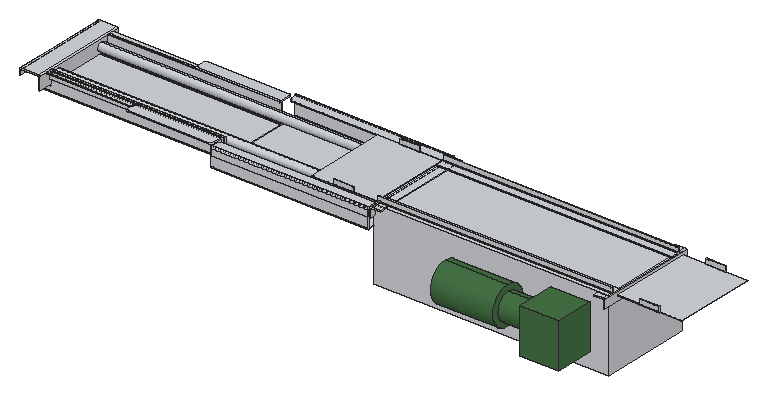
Revit family "C370", category Specialty Equipment, Revit 2025
Family settings
  Round Connector Dimension = Use Diameter
  Part Type = Normal
  Work Plane-Based = No
  Enable Cutting in Views = No
  Always vertical = Yes
  Cut with Voids When Loaded = No
  Maintain Annotation Orientation = No
  Shared = No
  Room Calculation Point = No
Parameters
  Weight [instance] = 0
  Version = ""
  Subsystem [instance] = ""
  Special_Part_Number [instance] = ""
  Special_Description [instance] = ""
  Special_Bed [instance] = no
  Segment [instance] = ""
  SPRING_COVER_WIDTH_6 [instance] = Drive_width + 0' 0 87/128"  # 1' - 7 87/128"
  SPRING_COVER_WIDTH_5 [instance] = Drive_width - 0' 5 159/256"  # 1' - 1 97/256"
  SPRING_COVER_WIDTH_4 [instance] = Drive_width - 0' 0 195/256"  # 1' - 6 61/256"
  SPRING_COVER_WIDTH_3 [instance] = Drive_width - 0' 3 59/128"  # 1' - 3 69/128"
  SPRING_COVER_WIDTH_2 [instance] = Drive_width - 0' 0 59/128"  # 1' - 6 69/128"
  SPRING_COVER_WIDTH [instance] = Drive_width + 0' 1 15/256"  # 1' - 8 15/256"
  SIO_Block_Number [instance] = ""
  Operational_Rate [instance] = ""
  Material_Number [instance] = ""
  MCP [instance] = ""
  Load_Envelope_Height [instance] = 2' - 0"
  Load_Envelope [instance] = yes
  Inner Width [instance] = CLR_NOMINAL_WIDTH - 0' 2 1/2"  # 1' - 3 1/2"
  IO_Block_Number [instance] = ""
  Estop_Zone [instance] = ""
  Error_State [instance] = yes
  Drive_width [instance] = CLR_NOMINAL_WIDTH + 0' 1"  # 1' - 7"
  Default Elevation = 0' - 0"
  Conveyor_Number [instance] = "100"
  Conveyor_Elevation_Out [instance] = Conveyor_Elevation_In  # 2' - 6"
  Conveyor_Elevation_In [instance] = 2' - 6"
  CLR_ZONE_CONTROL = ""
  CLR_ZONES = 0' - 0"
  CLR_VFD [instance] = yes
  CLR_TE_POSITION = "N"
  CLR_TAKE_UP_SPRING_QUANTITY [instance] = 2
  CLR_TAKE_UP [instance] = "Long Spring"
  CLR_SUBCLASS = ""
  CLR_SPRING_COVER = no
  CLR_SPEED_FPM [instance] = 120
  CLR_SLAVE_RATIO = "N"
  CLR_SENSOR_SKEW = 0' - 0"
  CLR_SENSOR_MOUNT = ""
  CLR_SENSOR_HAND = ""
  CLR_ROLLER_CENTER = 0' - 0"
  CLR_PULLEY_TYPE = "N"
  CLR_POPOUT_CARRYING_ROLLERS = no
  CLR_NOMINAL_WIDTH [instance] = if(Bed_Width = 1' 6", 1' 6", if(Bed_Width = 2' 0", 2' 0", if(Bed_Width = 2' 6", 2' 6", if(Bed_Width = 3' 0", 3' 0", if(Bed_Width = 3' 6", 3' 6", 1' 6")))))  # 1' - 6"
  CLR_MOTOR_VOLTAGE [instance] = "230/60"
  CLR_MOTOR_TYPE [instance] = "Standard"
  CLR_MOTOR_HP [instance] = 1
  CLR_MODULE = ""
  CLR_LIFTER_ROLLER_CENTER = 0' - 0"
  CLR_FINGER_GUARD = no
  CLR_DRIVE_TRAIN_TYPE [instance] = "Direct"
  CLR_DRIVE_SIZE [instance] = 6
  CLR_CONTROL_VOLTAGE = ""
  CLR_CONTROL_DEVICE = ""
  CLR_CONNECTION_KIT = "N"
  CLR_CARRYING_ROLLER = "N"
  CLR_BOTTOM_COVERS = yes
  CLR_BED_LENGTH = 0' - 0"
  CLR_ASSEMBLY_HAND [instance] = "Right"
  CLR_AIR_BRAKE = 0
  Bed_Width [instance] = 1' - 6"
  Asset ID [instance] = ""
  Air_Consumption [instance] = 0
  Acceptance_Rate [instance] = ""
Reference planes (in)
  plane 1 "Center (Front/Back)": y = 0
  plane 2: z = 0
  plane 3 "Center (Left/Right)": x = 0
  plane 4 "Bot_of_SideFrame": z = 23.71
  plane 5 "Top_of_SideFrame": z = 29.71
  plane 6 "Top_of_Roller": z = 30
  plane 7: z = 10.46
  plane 8: x = 65.55859
  plane 9: x = 109.3125
  plane 10 "1": x = 65.5
  plane 11: y = 10.0293
  plane 12: y = -10.0293
  plane 13 "3": x = 36.5
  plane 14: x = 35.88
  plane 15: x = 19.88
  plane 16: y = 9.26953
  plane 17: y = -9.26953
  plane 18: x = 3.88
  plane 19: y = 7.76953
  plane 20: y = -7.76953
  plane 21 "2": x = 2
  plane 22: x = 102.0825
Forms (in)
  Extrusion 1, solid
    sketch origin (0, 0, 0) x (1, 0, 0) y (0, 1, 0)
      loop
        line (65.55859, 8.5) -> (65.55859, -8.5) -> (109.3125, -8.5) -> (109.3125, 8.5) -> (65.55859, 8.5)
    from 10.46 to 23.71
  Extrusion 2, solid
    sketch origin (109.3125, 24.98665, 48) x (0, 1, 0) y (0, 0, 1)
      loop
        line (-32.73665, -23.23) -> (-32.73665, -24.04)
        arc (-32.73665, -24.04) -> (-32.66343, -24.21678) -> (-32.48665, -24.29) r 0.25
        line (-32.48665, -24.29) -> (-30.98665, -24.29) -> (-30.98665, -24.16109) -> (-32.48275, -24.16109)
        arc (-32.48275, -24.16109) -> (-32.57114, -24.12448) -> (-32.60775, -24.03609) r 0.125
        line (-32.60775, -24.03609) -> (-32.60775, -23.23) -> (-32.73665, -23.23)
    from 0 to -43.75391
  Extrusion 3, solid
    sketch origin (109.3125, -25.23665, 48) x (0, -1, 0) y (0, 0, -1)
      loop
        line (-32.98665, 23.23) -> (-32.85775, 23.23) -> (-32.85775, 24.03609)
        arc (-32.85775, 24.03609) -> (-32.82114, 24.12448) -> (-32.73275, 24.16109) r 0.125
        line (-32.73275, 24.16109) -> (-31.23665, 24.16109) -> (-31.23665, 24.29) -> (-32.73665, 24.29)
        arc (-32.73665, 24.29) -> (-32.91343, 24.21678) -> (-32.98665, 24.04) r 0.25
        line (-32.98665, 24.04) -> (-32.98665, 23.23)
    from 0 to -43.75391
  Extrusion 4, solid
    sketch origin (-1.03656, 0, 1.8976) x (1, 0, 0) y (0, 0, 1)
      loop
        arc (66.84515, 21.8124) -> (66.66837, 21.73918) -> (66.59515, 21.5624) r 0.25
        line (66.59515, 21.5624) -> (66.59515, 20.0624) -> (66.77484, 20.0624) -> (66.77484, 21.50772)
        arc (66.77484, 21.50772) -> (66.81145, 21.5961) -> (66.89984, 21.63272) r 0.125
        line (66.89984, 21.63272) -> (68.55515, 21.63272) -> (68.55515, 21.8124) -> (66.84515, 21.8124)
    from -9.5 to 9.5
  Extrusion 5, solid
    sketch origin (175.90765, -12, 1.8976) x (-1, 0, 0) y (0, 0, 1)
      loop
        arc (66.84515, 21.8124) -> (66.66837, 21.73918) -> (66.59515, 21.5624) r 0.25
        line (66.59515, 21.5624) -> (66.59515, 20.0624) -> (66.77484, 20.0624) -> (66.77484, 21.50772)
        arc (66.77484, 21.50772) -> (66.81145, 21.5961) -> (66.89984, 21.63272) r 0.125
        line (66.89984, 21.63272) -> (68.55515, 21.63272) -> (68.55515, 21.8124) -> (66.84515, 21.8124)
    from 2.5 to 21.5
  Extrusion 6, solid
    sketch origin (65.5, -1.79419, 0.44869) x (0, 1, 0) y (0, 0, 1)
      loop
        line (11.57349, 23.26131) -> (9.82349, 23.26131) -> (9.82349, 23.08162) -> (11.5188, 23.08162)
        arc (11.5188, 23.08162) -> (11.60719, 23.04501) -> (11.6438, 22.95662) r 0.125
        line (11.6438, 22.95662) -> (11.6438, 21.76131) -> (11.82349, 21.76131) -> (11.82349, 23.01131)
        arc (11.82349, 23.01131) -> (11.75026, 23.18809) -> (11.57349, 23.26131) r 0.25
    from 0 to -29
  Extrusion 7, solid
    sketch origin (20, 1.79419, 0.44869) x (0, -1, 0) y (0, 0, 1)
      loop
        line (11.57349, 23.26131) -> (9.82349, 23.26131) -> (9.82349, 23.08162) -> (11.5188, 23.08162)
        arc (11.5188, 23.08162) -> (11.60719, 23.04501) -> (11.6438, 22.95662) r 0.125
        line (11.6438, 22.95662) -> (11.6438, 21.76131) -> (11.82349, 21.76131) -> (11.82349, 23.01131)
        arc (11.82349, 23.01131) -> (11.75026, 23.18809) -> (11.57349, 23.26131) r 0.25
    from -16.5 to -45.5
  Extrusion 8, void
    sketch origin (65.5, 9.7793, 23.71) x (1, 0, 0) y (0, -1, 0)
      loop
        line (-28.5, 1.75) -> (-28.5, 2.25) -> (-29.5, 2.25) -> (-29.5, 1.25) -> (-29, 1.25)
        arc (-29, 1.25) -> (-28.85355, 1.60355) -> (-28.5, 1.75) r 0.5
      loop
        line (0, 1.25) -> (0.03635, 1.25) -> (0.03635, 1.842) -> (-0.5, 1.842) -> (-0.5, 1.75)
        arc (-0.5, 1.75) -> (-0.14645, 1.60355) -> (0, 1.25) r 0.5
    from 0 to 12
  Extrusion 9, void
    sketch origin (20, -9.7793, 23.71) x (-1, 0, 0) y (0, 1, 0)
      loop
        line (-45, 1.75) -> (-45, 1.82053) -> (-45.53797, 1.82053) -> (-45.53797, 1.25) -> (-45.5, 1.25)
        arc (-45.5, 1.25) -> (-45.35355, 1.60355) -> (-45, 1.75) r 0.5
      loop
        arc (-17, 1.75) -> (-16.64645, 1.60355) -> (-16.5, 1.25) r 0.5
        line (-16.5, 1.25) -> (-16.33335, 1.25) -> (-16.33335, 1.88015) -> (-17, 1.88015) -> (-17, 1.75)
    from 0 to 12
  Extrusion 10, solid
    sketch origin (65.5, 20.91594, 4.26413) x (0, -1, 0) y (0, 0, -1)
      loop
        arc (13.89641, -19.44587) -> (14.07318, -19.37265) -> (14.14641, -19.19587) r 0.25
        line (14.14641, -19.19587) -> (14.14641, -17.94587) -> (13.96672, -17.94587) -> (13.96672, -19.14118)
        arc (13.96672, -19.14118) -> (13.93011, -19.22957) -> (13.84172, -19.26618) r 0.125
        line (13.84172, -19.26618) -> (11.64641, -19.26618) -> (11.64641, -19.44587) -> (13.89641, -19.44587)
    from -45.62 to -29.62
  Extrusion 11, solid
    sketch origin (-4.36, -20.91594, 4.26413) x (0, 1, 0) y (0, 0, -1)
      loop
        arc (13.89641, -19.44587) -> (14.07318, -19.37265) -> (14.14641, -19.19587) r 0.25
        line (14.14641, -19.19587) -> (14.14641, -17.94587) -> (13.96672, -17.94587) -> (13.96672, -19.14118)
        arc (13.96672, -19.14118) -> (13.93011, -19.22957) -> (13.84172, -19.26618) r 0.125
        line (13.84172, -19.26618) -> (11.64641, -19.26618) -> (11.64641, -19.44587) -> (13.89641, -19.44587)
    from -40.24 to -24.24
  Extrusion 12, void
    sketch origin (-4.36, -7.01953, 23.71) x (1, 0, 0) y (0, -1, 0)
      loop
        line (24.24, -15.78906) -> (23.99, -15.78906) -> (23.99, -16.53906) -> (24.74, -16.53906) -> (24.74, -16.28906)
        arc (24.74, -16.28906) -> (24.38645, -16.14262) -> (24.24, -15.78906) r 0.5
      loop
        line (39.74, -16.28906) -> (39.74, -16.53906) -> (40.49, -16.53906) -> (40.49, -15.78906) -> (40.24, -15.78906)
        arc (40.24, -15.78906) -> (40.09355, -16.14262) -> (39.74, -16.28906) r 0.5
      loop
        line (24.74, 2.25) -> (24.74, 2.5725) -> (23.99, 2.5725) -> (23.99, 1.75) -> (24.24, 1.75)
        arc (24.24, 1.75) -> (24.38645, 2.10355) -> (24.74, 2.25) r 0.5
      loop
        arc (39.74, 2.25) -> (40.09355, 2.10355) -> (40.24, 1.75) r 0.5
        line (40.24, 1.75) -> (40.61073, 1.75) -> (40.61073, 2.75) -> (39.74, 2.75) -> (39.74, 2.25)
    from 0 to 12
  Extrusion 13, solid
    sketch origin (65.5, 2.75197, 2.89145) x (0, 1, 0) y (0, 0, 1)
      loop
        line (5.01756, 20.81855) -> (4.26756, 20.81855)
        arc (4.26756, 20.81855) -> (4.09078, 20.74532) -> (4.01756, 20.56855) r 0.25
        line (4.01756, 20.56855) -> (4.01756, 19.31855) -> (4.19725, 19.31855) -> (4.19725, 20.51386)
        arc (4.19725, 20.51386) -> (4.23386, 20.60225) -> (4.32225, 20.63886) r 0.125
        line (4.32225, 20.63886) -> (5.01756, 20.63886) -> (5.01756, 20.81855)
    from -61.62 to -45.62
  Extrusion 14, solid
    sketch origin (-39.39712, -2.75197, 2.89145) x (0, -1, 0) y (0, 0, 1)
      loop
        line (5.01756, 20.81855) -> (4.26756, 20.81855)
        arc (4.26756, 20.81855) -> (4.09078, 20.74532) -> (4.01756, 20.56855) r 0.25
        line (4.01756, 20.56855) -> (4.01756, 19.31855) -> (4.19725, 19.31855) -> (4.19725, 20.51386)
        arc (4.19725, 20.51386) -> (4.23386, 20.60225) -> (4.32225, 20.63886) r 0.125
        line (4.32225, 20.63886) -> (5.01756, 20.63886) -> (5.01756, 20.81855)
    from -59.27712 to -43.27712
  Extrusion 15, void
    sketch origin (65.5, 7.76953, 23.71) x (1, 0, 0) y (0, -1, 0)
      loop
        line (-61.37, 15.53906) -> (-61.37, 15.64704) -> (-61.67283, 15.64704) -> (-61.67283, 15.28906) -> (-61.62, 15.28906)
        arc (-61.62, 15.28906) -> (-61.54678, 15.46584) -> (-61.37, 15.53906) r 0.25
      loop
        arc (-45.87, 15.53906) -> (-45.69322, 15.46584) -> (-45.62, 15.28906) r 0.25
        line (-45.62, 15.28906) -> (-45.62, 15.53906) -> (-45.87, 15.53906)
      loop
        line (-45.87, 0) -> (-45.62, 0) -> (-45.62, 0.25)
        arc (-45.62, 0.25) -> (-45.69322, 0.07322) -> (-45.87, 0) r 0.25
      loop
        line (-61.62, 0.25) -> (-61.87, 0.25) -> (-61.87, -0.15887) -> (-61.37, -0.15887) -> (-61.37, 0)
        arc (-61.37, 0) -> (-61.54678, 0.07322) -> (-61.62, 0.25) r 0.25
    from 0 to 12
  Extrusion 16, solid
    sketch origin (-1.63754, 0, 1.05497) x (1, 0, 0) y (0, 0, 1)
      loop
        arc (1.88754, 22.65503) -> (1.71076, 22.58181) -> (1.63754, 22.40503) r 0.25
        line (1.63754, 22.40503) -> (1.63754, 21.53503) -> (1.81722, 21.53503) -> (1.81722, 22.35034)
        arc (1.81722, 22.35034) -> (1.85383, 22.43873) -> (1.94222, 22.47534) r 0.125
        line (1.94222, 22.47534) -> (5.08285, 22.47534)
        arc (5.08285, 22.47534) -> (5.17124, 22.43873) -> (5.20785, 22.35034) r 0.125
        line (5.20785, 22.35034) -> (5.20785, 20.15503) -> (5.38754, 20.15503) -> (5.38754, 22.40503)
        arc (5.38754, 22.40503) -> (5.31431, 22.58181) -> (5.13754, 22.65503) r 0.25
        line (5.13754, 22.65503) -> (1.88754, 22.65503)
    from -9.11914 to 9.11914
  Extrusion 17, solid
    sketch origin (2, 0, 2.61463) x (0, 0, 1) y (0, -1, 0)
      loop
        line (21.09537, 6.50977) -> (21.09537, 6.68945) -> (17.59537, 6.68945)
        arc (17.59537, 6.68945) -> (17.4186, 6.61623) -> (17.34537, 6.43945) r 0.25
        line (17.34537, 6.43945) -> (17.34537, -6.43945)
        arc (17.34537, -6.43945) -> (17.4186, -6.61623) -> (17.59537, -6.68945) r 0.25
        line (17.59537, -6.68945) -> (21.09537, -6.68945) -> (21.09537, -6.50977) -> (17.65006, -6.50977)
        arc (17.65006, -6.50977) -> (17.56167, -6.47315) -> (17.52506, -6.38477) r 0.125
        line (17.52506, -6.38477) -> (17.52506, 6.38477)
        arc (17.52506, 6.38477) -> (17.56167, 6.47315) -> (17.65006, 6.50977) r 0.125
        line (17.65006, 6.50977) -> (21.09537, 6.50977)
    from 0 to 34.25
  Extrusion 18, solid
    sketch origin (36.5, 0, 5.66741) x (0, 1, 0) y (0, 0, 1)
      loop
        line (-9.66016, 18.04259) -> (-9.83984, 18.04259) -> (-9.83984, 14.54259)
        arc (-9.83984, 14.54259) -> (-9.76662, 14.36581) -> (-9.58984, 14.29259) r 0.25
        line (-9.58984, 14.29259) -> (9.58984, 14.29259)
        arc (9.58984, 14.29259) -> (9.76662, 14.36581) -> (9.83984, 14.54259) r 0.25
        line (9.83984, 14.54259) -> (9.83984, 18.04259) -> (9.66016, 18.04259) -> (9.66016, 14.59728)
        arc (9.66016, 14.59728) -> (9.62354, 14.50889) -> (9.53516, 14.47228) r 0.125
        line (9.53516, 14.47228) -> (-9.53516, 14.47228)
        arc (-9.53516, 14.47228) -> (-9.62354, 14.50889) -> (-9.66016, 14.59728) r 0.125
        line (-9.66016, 14.59728) -> (-9.66016, 18.04259)
    from -0.25 to 29
  Extrusion 19, void
    sketch origin (0, 0, 0) x (1, 0, 0) y (0, 0, 1)
      loop
        line (2, 23.53031) -> (3.44531, 23.53031) -> (3.44531, 21.03031) -> (3.88, 21.03031) -> (3.88, 24.03031) -> (2, 24.03031) -> (2, 23.53031)
    from -29.84383 to 25.79586
  Extrusion 20, solid
    sketch origin (3.75, 0, 23.71) x (0, 0, -1) y (0, 1, 0)
      loop
        circle (1.25, -5) r 0.75
      loop
        circle (1.25, 5) r 0.75
    from 0 to 61.80859
  Extrusion 21, solid, material "MOTOR"
    sketch origin (-1.32384, 0, 1.11785) x (1, 0, 0) y (0, 0, 1)
      loop
        line (99.77634, 20.40215) -> (99.77634, 12.04215) -> (107.03634, 12.04215) -> (107.03634, 20.40215) -> (99.77634, 20.40215)
    from 8.5 to 15.75185
  Extrusion 22, solid, material "MOTOR"
    sketch origin (98.4525, 0, 21.16) x (0, 0, 1) y (0, 1, 0)
      loop
        circle (-2.5, -12.83193) r 2.485
    from 0 to 4.53125
  Extrusion 23, solid, material "MOTOR"
    sketch origin (93.92125, 0, 21.16) x (0, 0, 1) y (0, 1, 0)
      loop
        circle (-2.5, -12.83193) r 3.5
    from 0 to 11.62891
Cuts and joins
  Extrusion 8 cuts Extrusion 4
  Extrusion 8 cuts Extrusion 6
  Extrusion 9 cuts Extrusion 7
  Extrusion 12, Extrusion 15 cuts Extrusion 10
  Extrusion 12, Extrusion 15 cuts Extrusion 11
  Extrusion 15 cuts Extrusion 13
  Extrusion 15 cuts Extrusion 14
  Extrusion 19 cuts Extrusion 17
Dimensions and locks (in)
  locked: plane 3 "Center (Left/Right)" to nested 1 at 110.25
  locked: plane 3 "Center (Left/Right)" to nested 2 at 53.25
  "Conveyor_Elevation_In": plane 6 "Top_of_Roller" to level
  locked: plane 6 "Top_of_Roller" to plane 5 "Top_of_SideFrame" at 0.29
  locked: plane 5 "Top_of_SideFrame" to plane 4 "Bot_of_SideFrame" at 6
  locked: nested 2 to plane 4 "Bot_of_SideFrame"
  locked: nested 1 to plane 4 "Bot_of_SideFrame"
  equal spacing: Extrusion 1 sketch curve, plane 1 "Center (Front/Back)", Extrusion 1 sketch curve
  locked: plane 4 "Bot_of_SideFrame" to plane 7 at 13.25
  locked: plane 3 "Center (Left/Right)" to plane 8 at 65.55859
  plane 3 "Center (Left/Right)" to plane 9 = 9' - 1 5/16"
  locked: Extrusion 2 sketch curve to Extrusion 2 sketch curve at 1.75
  locked: Extrusion 2 sketch curve to Extrusion 2 sketch curve at 1.06
  locked: Extrusion 2 sketch curve to Extrusion 2 sketch curve at 0.12891
  locked: Extrusion 2 sketch curve to Extrusion 1 at 0.12891
  locked: Extrusion 3 sketch curve to Extrusion 3 sketch curve at 1.75
  locked: Extrusion 3 sketch curve to Extrusion 3 sketch curve at 1.06
  locked: Extrusion 3 sketch curve to Extrusion 3 sketch curve at 0.12891
  locked: Extrusion 3 to plane 4 "Bot_of_SideFrame"
  equal spacing: Extrusion 2, nested 1, Extrusion 3
  "Inner Width": Extrusion 2 to Extrusion 3
  locked: Extrusion 4 sketch curve to Extrusion 4 sketch curve at 1.96
  locked: Extrusion 4 sketch curve to Extrusion 4 sketch curve at 1.75
  locked: Extrusion 4 sketch curve to Extrusion 4 sketch curve at 0.17969  (x2)
  locked: Extrusion 4 to plane 8
  locked: plane 4 "Bot_of_SideFrame" to Extrusion 4
  locked: Extrusion 5 sketch curve to Extrusion 5 sketch curve at 1.96
  locked: Extrusion 5 sketch curve to Extrusion 5 sketch curve at 1.75
  locked: Extrusion 5 sketch curve to Extrusion 5 sketch curve at 0.17969  (x2)
  locked: plane 9 to Extrusion 5
  locked: plane 4 "Bot_of_SideFrame" to Extrusion 5
  equal spacing: Extrusion 4, plane 1 "Center (Front/Back)", Extrusion 4
  "Drive_width": Extrusion 4 to Extrusion 4
  equal spacing: Extrusion 5, plane 1 "Center (Front/Back)", Extrusion 5
  "Drive_width": Extrusion 5 to Extrusion 5
  locked: Extrusion 1 sketch curve to Extrusion 1 sketch curve at 17
  locked: plane 3 "Center (Left/Right)" to plane 10 "1" at 65.5
  locked: Extrusion 6 sketch curve to Extrusion 6 sketch curve at 2
  locked: Extrusion 6 sketch curve to Extrusion 6 sketch curve at 1.5
  locked: Extrusion 6 sketch curve to Extrusion 6 sketch curve at 0.17969  (x2)
  locked: Extrusion 6 to plane 4 "Bot_of_SideFrame"
  equal spacing: plane 11, plane 1 "Center (Front/Back)", plane 12
  "SPRING_COVER_WIDTH": plane 11 to plane 12
  locked: plane 11 to Extrusion 6
  locked: plane 13 "3" to plane 10 "1" at 29
  locked: Extrusion 7 sketch curve to Extrusion 7 sketch curve at 2
  locked: Extrusion 7 sketch curve to Extrusion 7 sketch curve at 1.5
  locked: Extrusion 7 sketch curve to Extrusion 7 sketch curve at 0.17969  (x2)
  locked: plane 12 to Extrusion 7
  plane 14 to plane 13 "3" = 0' - 0.62"
  locked: plane 15 to plane 14 at 16
  equal spacing: plane 16, plane 1 "Center (Front/Back)", plane 17
  "SPRING_COVER_WIDTH_2": plane 16 to plane 17
  locked: Extrusion 10 sketch curve to Extrusion 10 sketch curve at 2.5
  locked: Extrusion 10 sketch curve to Extrusion 10 sketch curve at 1.5
  locked: Extrusion 10 sketch curve to Extrusion 10 sketch curve at 0.17969  (x2)
  locked: plane 16 to Extrusion 10
  locked: plane 4 "Bot_of_SideFrame" to Extrusion 10
  locked: Extrusion 11 sketch curve to Extrusion 11 sketch curve at 2.5
  locked: Extrusion 11 sketch curve to Extrusion 11 sketch curve at 1.5
  locked: Extrusion 11 sketch curve to Extrusion 11 sketch curve at 0.17969  (x2)
  locked: Extrusion 11 to plane 14
  locked: Extrusion 11 to plane 15
  locked: plane 17 to Extrusion 11
  locked: plane 18 to plane 15 at 16
  equal spacing: plane 19, plane 1 "Center (Front/Back)", plane 20
  "SPRING_COVER_WIDTH_3": plane 19 to plane 20
  locked: Extrusion 13 sketch curve to Extrusion 13 sketch curve at 1
  locked: Extrusion 13 sketch curve to Extrusion 13 sketch curve at 1.5
  locked: Extrusion 13 sketch curve to Extrusion 13 sketch curve at 0.17969  (x2)
  locked: plane 4 "Bot_of_SideFrame" to Extrusion 13
  locked: plane 19 to Extrusion 13
  locked: Extrusion 14 sketch curve to Extrusion 14 sketch curve at 1
  locked: Extrusion 14 sketch curve to Extrusion 14 sketch curve at 1.5
  locked: Extrusion 14 sketch curve to Extrusion 14 sketch curve at 0.17969  (x2)
  locked: plane 20 to Extrusion 14
  locked: plane 18 to Extrusion 14
  locked: Extrusion 14 to plane 15
  locked: Extrusion 16 sketch curve to Extrusion 16 sketch curve at 1.12
  locked: Extrusion 16 sketch curve to Extrusion 16 sketch curve at 0.17969  (x3)
  locked: plane 4 "Bot_of_SideFrame" to Extrusion 16
  locked: Extrusion 16 to plane 3 "Center (Left/Right)"
  equal spacing: Extrusion 16, plane 1 "Center (Front/Back)", Extrusion 16
  "SPRING_COVER_WIDTH_4": Extrusion 16 to Extrusion 16
  locked: plane 21 "2" to plane 3 "Center (Left/Right)" at 2
  equal spacing: Extrusion 17 sketch curve, plane 1 "Center (Front/Back)", Extrusion 17 sketch curve
  "SPRING_COVER_WIDTH_5": Extrusion 17 sketch curve to Extrusion 17 sketch curve
  locked: Extrusion 17 sketch curve to Extrusion 17 sketch curve at 3.75
  locked: Extrusion 17 sketch curve to Extrusion 17 sketch curve at 0.17969  (x3)
  locked: plane 4 "Bot_of_SideFrame" to Extrusion 17
  equal spacing: Extrusion 18 sketch curve, plane 1 "Center (Front/Back)", Extrusion 18 sketch curve
  "SPRING_COVER_WIDTH_6": Extrusion 18 sketch curve to Extrusion 18 sketch curve
  locked: Extrusion 18 sketch curve to Extrusion 18 sketch curve at 3.75  (x2)
  locked: Extrusion 18 sketch curve to Extrusion 18 sketch curve at 0.17969  (x3)
  locked: plane 4 "Bot_of_SideFrame" to Extrusion 18
  locked: Extrusion 16 sketch curve to Extrusion 16 sketch curve at 2.5
  locked: Extrusion 16 sketch curve to Extrusion 16 sketch curve at 3.75
  locked: plane 4 "Bot_of_SideFrame" to Extrusion 20 sketch curve at 1.25  (x2)
  locked: Extrusion 20 sketch curve to plane 1 "Center (Front/Back)" at 5
  locked: plane 1 "Center (Front/Back)" to Extrusion 20 sketch curve at 5
  locked: Extrusion 21 sketch curve to Extrusion 21 sketch curve at 8.36
  locked: Extrusion 21 sketch curve to Extrusion 21 sketch curve at 7.26
  locked: Extrusion 21 to plane 7 at 2.7
  plane 9 to Extrusion 21 = 0' - 3.6"
  aligned and locked: level to plane 2
  aligned and locked: plane 1 "Center (Front/Back)" to nested 1
  aligned and locked: plane 1 "Center (Front/Back)" to nested 2
  aligned and locked: plane 4 "Bot_of_SideFrame" to Extrusion 1
  aligned and locked: Extrusion 1 to plane 7
  aligned and locked: Extrusion 1 to plane 8
  aligned and locked: plane 9 to Extrusion 1
  aligned and locked: Extrusion 2 to plane 8
  aligned and locked: Extrusion 6 to plane 13 "3"
  aligned and locked: plane 10 "1" to Extrusion 7
  aligned and locked: Extrusion 7 to plane 13 "3"
  aligned and locked: Extrusion 10 to plane 15
  aligned and locked: plane 14 to Extrusion 10
  aligned and locked: Extrusion 13 to plane 18
  aligned and locked: plane 15 to Extrusion 13
  aligned and locked: plane 10 "1" to Extrusion 18
  aligned and locked: Extrusion 18 to Extrusion 17
  aligned and locked: Extrusion 20 to Extrusion 1
  aligned and locked: Extrusion 21 to Extrusion 1
Automatic sketch dimensions
  Extrusion 1 sketch curve to plane 8 = 0' - 0"
  Extrusion 1 sketch curve to plane 9 = 0' - 0"
  Extrusion 2 sketch curve to plane 4 "Bot_of_SideFrame" = 0' - 0"
  Extrusion 2 sketch curve to plane 20 = 0' - 0 5/256"
  Extrusion 2 sketch curve to Extrusion 2 sketch curve = 0' - 0 31/256"
  Extrusion 2 sketch curve to Extrusion 2 sketch curve = 0' - 0 1/256"
  Extrusion 3 sketch curve to plane 4 "Bot_of_SideFrame" = 0' - 0"
  plane 19 to Extrusion 3 sketch curve = 0' - 0 5/256"
  Extrusion 3 sketch curve to Extrusion 3 sketch curve = 0' - 0 31/256"
  Extrusion 3 sketch curve to Extrusion 3 sketch curve = 0' - 0 1/256"  (x2)
  Extrusion 4 sketch curve to plane 8 = 0' - 0"
  Extrusion 4 sketch curve to plane 4 "Bot_of_SideFrame" = 0' - 0"
  plane 8 to Extrusion 4 sketch curve = 0' - 0 1/4"
  Extrusion 4 sketch curve to Extrusion 4 sketch curve = 0' - 0 7/128"
  Extrusion 5 sketch curve to plane 9 = 0' - 0"
  Extrusion 5 sketch curve to plane 4 "Bot_of_SideFrame" = 0' - 0"
  Extrusion 5 sketch curve to plane 9 = 0' - 0 1/4"
  Extrusion 5 sketch curve to Extrusion 5 sketch curve = 0' - 0 7/128"
  Extrusion 6 sketch curve to plane 4 "Bot_of_SideFrame" = 0' - 0"
  Extrusion 6 sketch curve to plane 11 = 0' - 0"
  Extrusion 6 sketch curve to Extrusion 6 sketch curve = 0' - 0 1/8"
  Extrusion 6 sketch curve to Extrusion 6 sketch curve = 0' - 0 7/128"
  Extrusion 7 sketch curve to plane 4 "Bot_of_SideFrame" = 0' - 0"
  Extrusion 7 sketch curve to plane 12 = 0' - 0"
  Extrusion 7 sketch curve to Extrusion 7 sketch curve = 0' - 0 1/8"
  Extrusion 7 sketch curve to Extrusion 7 sketch curve = 0' - 0 7/128"
  Extrusion 8 sketch curve to Extrusion 6 = 0' - 0"  (x4)
  Extrusion 8 sketch curve to Extrusion 8 sketch curve = 0' - 0 1/2"  (x2)
  Extrusion 6 to Extrusion 8 sketch curve = 0' - 0 1/2"
  Extrusion 8 sketch curve to Extrusion 6 = 0' - 0.03635"
  Extrusion 8 sketch curve to Extrusion 6 = 0' - 0.092"
  Extrusion 8 sketch curve to Extrusion 6 = 0' - 0 1/2"
  Extrusion 9 sketch curve to Extrusion 7 = 0' - 0"  (x2)
  Extrusion 7 to Extrusion 9 sketch curve = 0' - 0"  (x2)
  Extrusion 9 sketch curve to Extrusion 7 = 0' - 0.03797"
  Extrusion 9 sketch curve to Extrusion 7 = 0' - 0.07053"
  Extrusion 7 to Extrusion 9 sketch curve = 0' - 0 1/2"  (x2)
  Extrusion 9 sketch curve to Extrusion 9 sketch curve = 0' - 0.16665"
  Extrusion 9 sketch curve to Extrusion 7 = 0' - 0.13015"
  Extrusion 10 sketch curve to plane 4 "Bot_of_SideFrame" = 0' - 0"
  Extrusion 10 sketch curve to plane 16 = 0' - 0"
  Extrusion 10 sketch curve to Extrusion 10 sketch curve = 0' - 0 1/8"
  Extrusion 10 sketch curve to Extrusion 10 sketch curve = 0' - 0 7/128"
  Extrusion 11 sketch curve to plane 4 "Bot_of_SideFrame" = 0' - 0"
  Extrusion 11 sketch curve to plane 17 = 0' - 0"
  Extrusion 11 sketch curve to Extrusion 11 sketch curve = 0' - 0 1/8"
  Extrusion 11 sketch curve to Extrusion 11 sketch curve = 0' - 0 7/128"
  Extrusion 12 sketch curve to Extrusion 11 = 0' - 0"  (x6)
  Extrusion 12 sketch curve to Extrusion 11 = 0' - 0 1/4"  (x2)
  Extrusion 12 sketch curve to Extrusion 12 sketch curve = 0' - 0 1/2"
  Extrusion 11 to Extrusion 12 sketch curve = 0' - 0 1/2"  (x3)
  Extrusion 12 sketch curve to Extrusion 12 sketch curve = 0' - 0 1/4"  (x2)
  Extrusion 12 sketch curve to Extrusion 12 sketch curve = 0' - 0.37073"
  Extrusion 12 sketch curve to Extrusion 11 = 0' - 0.3225"
  Extrusion 12 sketch curve to Extrusion 11 = 0' - 0 1/2"
  Extrusion 12 sketch curve to Extrusion 11 = 1' - 3 101/128"
  Extrusion 12 sketch curve to Extrusion 12 sketch curve = 0' - 0"
  Extrusion 12 sketch curve to Extrusion 12 sketch curve = 0' - 0 3/4"
  Extrusion 13 sketch curve to plane 4 "Bot_of_SideFrame" = 0' - 0"
  Extrusion 13 sketch curve to plane 19 = 0' - 0"
  Extrusion 13 sketch curve to Extrusion 13 sketch curve = 0' - 0 9/128"
  Extrusion 13 sketch curve to Extrusion 13 sketch curve = 0' - 0 7/128"
  Extrusion 14 sketch curve to plane 4 "Bot_of_SideFrame" = 0' - 0"
  Extrusion 14 sketch curve to plane 4 "Bot_of_SideFrame" = 0' - 0 1/4"
  plane 1 "Center (Front/Back)" to Extrusion 14 sketch curve = 0' - 6 197/256"
  Extrusion 14 sketch curve to Extrusion 14 sketch curve = 0' - 0 7/128"
  Extrusion 15 sketch curve to Extrusion 13 = 0' - 0"  (x4)
  Extrusion 13 to Extrusion 15 sketch curve = 0' - 0"  (x2)
  Extrusion 15 sketch curve to Extrusion 13 = 0' - 0.05283"
  Extrusion 13 to Extrusion 15 sketch curve = 0' - 0 1/4"  (x2)
  Extrusion 15 sketch curve to Extrusion 15 sketch curve = 0' - 0 1/4"  (x2)
  Extrusion 15 sketch curve to Extrusion 13 = 1' - 2 69/128"  (x2)
  Extrusion 15 sketch curve to Extrusion 15 sketch curve = 0' - 0.10797"
  Extrusion 15 sketch curve to Extrusion 13 = 0' - 0 1/4"
  Extrusion 15 sketch curve to Extrusion 15 sketch curve = 0' - 0.15887"
  Extrusion 16 sketch curve to plane 3 "Center (Left/Right)" = 0' - 0"
  Extrusion 16 sketch curve to plane 4 "Bot_of_SideFrame" = 0' - 0"
  Extrusion 16 sketch curve to Extrusion 16 sketch curve = 0' - 0 9/128"
  Extrusion 16 sketch curve to Extrusion 16 sketch curve = 0' - 0 7/128"  (x2)
  plane 21 "2" to Extrusion 16 sketch curve = 0' - 1 57/128"
  Extrusion 19 sketch curve to plane 21 "2" = 0' - 0"
  Extrusion 19 sketch curve to plane 18 = 0' - 0"
  Extrusion 19 sketch curve to plane 4 "Bot_of_SideFrame" = 0' - 0 23/128"
  Extrusion 19 sketch curve to plane 18 = 0' - 0.43469"
  Extrusion 19 sketch curve to Extrusion 19 sketch curve = 0' - 2 1/2"
  plane 4 "Bot_of_SideFrame" to Extrusion 19 sketch curve = 0' - 0 41/128"
  plane 7 to Extrusion 21 sketch curve = 0' - 2.7"
  Extrusion 21 sketch curve to plane 9 = 0' - 3.6"
  Extrusion 21 to Extrusion 22 sketch curve = 0' - 2.86"
  Extrusion 21 to Extrusion 22 sketch curve = 0' - 2.91992"
  Extrusion 17 sketch curve to plane 4 "Bot_of_SideFrame" = 0' - 0"  (x2)
  Extrusion 17 sketch curve to Extrusion 17 sketch curve = 0' - 0 9/128"  (x2)
  Extrusion 17 sketch curve to Extrusion 17 sketch curve = 0' - 0 7/128"  (x2)
  Extrusion 18 sketch curve to plane 4 "Bot_of_SideFrame" = 0' - 0"
  Extrusion 18 sketch curve to Extrusion 18 sketch curve = 0' - 0 9/128"
  Extrusion 18 sketch curve to Extrusion 18 sketch curve = 0' - 0 7/128"  (x2)
  Extrusion 18 sketch curve to Extrusion 18 sketch curve = 0' - 0 1/8"
  radius of Extrusion 20 sketch curve = 0' - 0 3/4"  (x2)
  radius of Extrusion 22 sketch curve = 0' - 2.485"
  radius of Extrusion 22 to Extrusion 23 sketch curve = 0' - 1.015"
Nested families (in)
  nested 1: "SW0046" at (116.25, 0, 0), CLR_NOMINAL_WIDTH <- "CLR_NOMINAL_WIDTH", type "SW0046"
    with bottom cover length 12.000", Nominal wedith 15.268", CLR_NOMINAL_WIDTH 1' - 6"
  nested 2: "SW0046" at (59.25, 0, 0), CLR_NOMINAL_WIDTH <- "CLR_NOMINAL_WIDTH", type "SW0046"
    with bottom cover length 12.000", Nominal wedith 15.268", CLR_NOMINAL_WIDTH 1' - 6"
Definition of nested family "SW0046"
  Parameters (values of type "SW0046")
    Default Elevation = 0' - 0"
    bottom cover length [instance] = 36.000"
    Nominal wedith [instance] = CLR_NOMINAL_WIDTH - 2.500" - 0.116" - 0.116"  # 15.268"
    CLR_NOMINAL_WIDTH [instance] = 1' - 6"
  Reference planes (in)
    plane 1 "Center (Front/Back)": y = 0
    plane 2: z = 0
    plane 3 "Center (Left/Right)": x = 0
    plane 4: y = 7.634
    plane 5: y = -7.634
    plane 6: x = 18
    plane 7: x = -18
    plane 8 "Bot_of_SideFrame": z = 23.71
    plane 9: y = 7.75
    plane 10: y = 7.6729
    plane 11: z = 24.71
    plane 12: z = 23.71
    plane 13: y = 7.634
    plane 14: z = 23.7871
    plane 15: x = 13.8
    plane 16: x = -13.8
    plane 17: y = -7.75
    plane 18: y = -7.6729
    plane 19: z = 24.71
    plane 20: z = 23.71
    plane 21: y = -7.634
    plane 22: z = 23.7871
  Forms (in)
    Extrusion 1, solid
      sketch origin (0, 0, 23.47) x (1, 0, 0) y (0, 1, 0)
        loop
          line (18, 7.634) -> (-18, 7.634) -> (-18, -7.634) -> (18, -7.634) -> (18, 7.634)
      from 0.317 to 0.24
    Extrusion 2, solid
      sketch origin (0, 0, 0) x (0, 1, 0) y (0, 0, 1)
        loop
          line (7.6729, 24.71) -> (7.6729, 23.7871) -> (7.634, 23.7871) -> (7.634, 23.71) -> (7.67336, 23.71)
          arc (7.67336, 23.71) -> (7.72755, 23.73245) -> (7.75, 23.78664) r 0.07664
          line (7.75, 23.78664) -> (7.75, 24.71) -> (7.6729, 24.71)
      from -13.8 to 13.8
    Extrusion 3, solid
      sketch origin (0, -11.25, 0) x (0, -1, 0) y (0, 0, -1)
        loop
          line (-3.5771, -24.71) -> (-3.5, -24.71) -> (-3.5, -23.78664)
          arc (-3.5, -23.78664) -> (-3.52245, -23.73245) -> (-3.57664, -23.71) r 0.07664
          line (-3.57664, -23.71) -> (-3.616, -23.71) -> (-3.616, -23.7871) -> (-3.5771, -23.7871) -> (-3.5771, -24.71)
      from -13.8 to 13.8
  Dimensions and locks (in)
    equal spacing: plane 7, plane 3 "Center (Left/Right)", plane 6
    equal spacing: plane 4, plane 1 "Center (Front/Back)", plane 5
    "bottom cover length": plane 7 to plane 6
    "Nominal wedith": plane 4 to plane 5
    Extrusion 1 to Extrusion 1 = 0' - 0.077"  (x2)
    locked: plane 8 "Bot_of_SideFrame" to Extrusion 1
    locked: level to plane 8 "Bot_of_SideFrame" at 23.71
    locked: plane 8 "Bot_of_SideFrame" to Extrusion 1 at 0.077
    locked: plane 12 to plane 14 at 0.0771
    locked: plane 13 to plane 10 at 0.0389
    locked: plane 10 to plane 9 at 0.0771
    locked: plane 12 to plane 11 at 1
    locked: plane 15 to plane 6 at 4.2
    locked: plane 7 to plane 16 at 4.2
    locked: plane 22 to plane 20 at 0.0771
    locked: plane 21 to plane 18 at 0.0389
    locked: plane 18 to plane 17 at 0.0771
    locked: plane 19 to plane 20 at 1
    Extrusion 2 to Extrusion 2 = 0' - 0.116"
    aligned and locked: level to plane 2
    aligned and locked: plane 4 to Extrusion 1 sketch curve
    aligned and locked: plane 6 to Extrusion 1 sketch curve
    aligned and locked: plane 5 to Extrusion 1 sketch curve
    aligned and locked: Extrusion 1 sketch curve to plane 7
    aligned and locked: plane 8 "Bot_of_SideFrame" to plane 12
    aligned and locked: plane 4 to plane 13
    aligned and locked: plane 15 to Extrusion 2
    aligned and locked: plane 21 to Extrusion 3 sketch curve
    aligned and locked: plane 5 to plane 21
    aligned and locked: plane 15 to Extrusion 3
    aligned and locked: Extrusion 3 to plane 16
    aligned and locked: Extrusion 2 to plane 16
  Automatic sketch dimensions
    Extrusion 2 sketch curve to plane 4 = 0' - 0"
    Extrusion 2 sketch curve to plane 10 = 0' - 0"
    plane 8 "Bot_of_SideFrame" to Extrusion 2 sketch curve = 0' - 0"
    Extrusion 2 sketch curve to plane 9 = 0' - 0"
    plane 14 to Extrusion 2 sketch curve = 0' - 0"
    plane 11 to Extrusion 2 sketch curve = 0' - 0"
    plane 10 to Extrusion 2 sketch curve = 0' - 0.00046"
    Extrusion 3 sketch curve to plane 18 = 0' - 0"
    plane 8 "Bot_of_SideFrame" to Extrusion 3 sketch curve = 0' - 0"
    Extrusion 3 sketch curve to plane 17 = 0' - 0"
    plane 19 to Extrusion 3 sketch curve = 0' - 0"
    plane 22 to Extrusion 3 sketch curve = 0' - 0"
    plane 18 to Extrusion 3 sketch curve = 0' - 0.00046"
